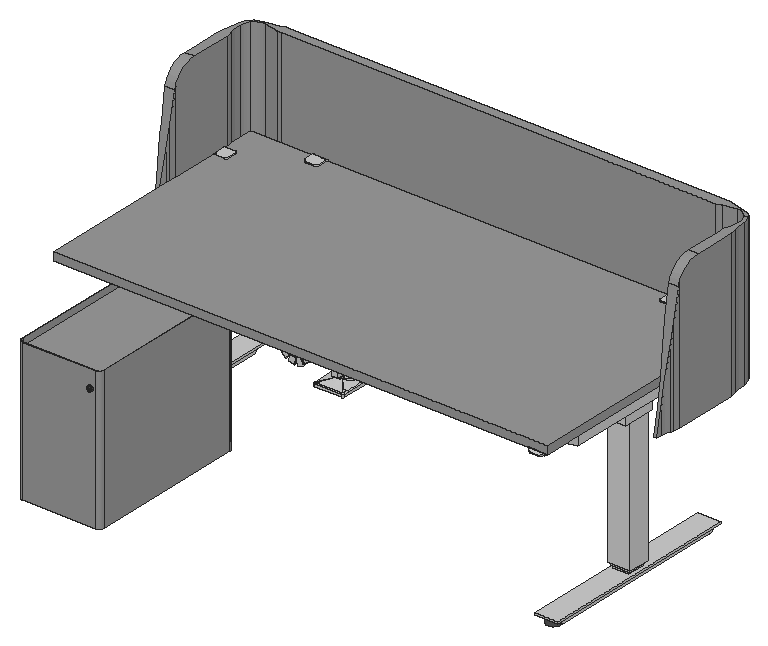
Revit family "Haworth_HiYa_MotorDriven_Rectangle_Desk_EU_PRELIMINARY", category Furniture Systems, Revit 2018 (continued)
Definition of nested family "Haworth_Lyft_CableTray_Horizontal-PART"
  Automatic sketch dimensions
    Extrusion 5 sketch curve to Extrusion 5 sketch curve = 0.0049 cm
    Extrusion 5 sketch curve to plane 8 = 1.0935 cm
    Extrusion 5 sketch curve to Extrusion 5 sketch curve = 0.0776 cm
    plane 14 to Extrusion 5 sketch curve = 1.0152 cm
    Extrusion 5 sketch curve to Extrusion 5 sketch curve = 0.0828 cm
    Extrusion 5 sketch curve to Extrusion 5 sketch curve = 0.0971 cm
    Extrusion 5 sketch curve to plane 8 = 1 cm
    Extrusion 5 sketch curve to Extrusion 5 sketch curve = 0.058 cm
    Extrusion 5 sketch curve to plane 8 = 0.6337 cm
    Extrusion 5 sketch curve to Extrusion 5 sketch curve = 0.1045 cm
    plane 8 to Extrusion 5 sketch curve = 0.0048 cm
    Extrusion 5 sketch curve to Extrusion 5 sketch curve = 0.063 cm
    Extrusion 5 sketch curve to Extrusion 5 sketch curve = 0.0089 cm
    Extrusion 5 sketch curve to Extrusion 5 sketch curve = 0.1268 cm
    Extrusion 5 sketch curve to Extrusion 5 sketch curve = 0.0281 cm
    Extrusion 5 sketch curve to Extrusion 5 sketch curve = 0.0537 cm
    Extrusion 5 sketch curve to Extrusion 5 sketch curve = 0.145 cm
    Extrusion 5 sketch curve to Extrusion 5 sketch curve = 0.0478 cm
    Extrusion 5 sketch curve to plane 14 = 1.1717 cm
    Extrusion 5 sketch curve to Extrusion 5 sketch curve = 0.0991 cm
    Extrusion 5 sketch curve to Extrusion 5 sketch curve = 0.1784 cm
    Extrusion 6 sketch curve to plane 14 = 1.1107 cm
    Extrusion 6 sketch curve to plane 1 "Center (Front/Back)" = 2.8257 cm
    Extrusion 6 sketch curve to plane 14 = 1.228 cm
    Extrusion 6 sketch curve to Extrusion 6 sketch curve = 0.0985 cm
    Extrusion 6 sketch curve to plane 14 = 0.6684 cm
    Extrusion 6 sketch curve to Extrusion 6 sketch curve = 0.161 cm
    Extrusion 6 sketch curve to plane 14 = 1.4441 cm
    Extrusion 6 sketch curve to Extrusion 6 sketch curve = 0.3743 cm
    Extrusion 6 sketch curve to Extrusion 6 sketch curve = 0.2775 cm
    Extrusion 6 sketch curve to plane 14 = 1.017 cm
    Extrusion 6 sketch curve to Extrusion 6 sketch curve = 0.0144 cm
    Extrusion 6 sketch curve to plane 14 = 1.485 cm
    Extrusion 6 sketch curve to Extrusion 6 sketch curve = 0.4673 cm
    Extrusion 6 sketch curve to plane 14 = 0.4656 cm  (x2)
    Extrusion 6 sketch curve to Extrusion 6 sketch curve = 1.3299 cm
    Extrusion 6 sketch curve to plane 14 = 0.5286 cm
    Extrusion 6 sketch curve to Extrusion 6 sketch curve = 0.023 cm
    Extrusion 6 sketch curve to Extrusion 6 sketch curve = 0.0339 cm
    Extrusion 6 sketch curve to plane 8 = 0.6878 cm
    Extrusion 6 sketch curve to Extrusion 6 sketch curve = 0.0335 cm
    Extrusion 6 sketch curve to plane 14 = 0.9853 cm
    Extrusion 6 sketch curve to Extrusion 6 sketch curve = 0.21 cm
    Extrusion 6 sketch curve to plane 14 = 0.4989 cm
    Extrusion 6 sketch curve to Extrusion 6 sketch curve = 0.546 cm
    plane 14 to Extrusion 6 sketch curve = 1.1207 cm
    Extrusion 6 sketch curve to Extrusion 6 sketch curve = 0.7159 cm
    Extrusion 6 sketch curve to Extrusion 6 sketch curve = 0.5459 cm
    Extrusion 6 sketch curve to Extrusion 6 sketch curve = 0.5489 cm
    Extrusion 6 sketch curve to Extrusion 6 sketch curve = 0 cm
    Extrusion 7 sketch curve to plane 14 = 1.1107 cm
    Extrusion 7 sketch curve to plane 1 "Center (Front/Back)" = 2.8257 cm
    Extrusion 7 sketch curve to plane 14 = 1.228 cm
    Extrusion 7 sketch curve to Extrusion 7 sketch curve = 0.0985 cm
    Extrusion 7 sketch curve to plane 14 = 0.6684 cm
    Extrusion 7 sketch curve to Extrusion 7 sketch curve = 0.161 cm
    Extrusion 7 sketch curve to plane 14 = 1.4441 cm
    Extrusion 7 sketch curve to Extrusion 7 sketch curve = 0.3743 cm
    Extrusion 7 sketch curve to Extrusion 7 sketch curve = 0.2775 cm
    Extrusion 7 sketch curve to plane 14 = 1.017 cm
    Extrusion 7 sketch curve to Extrusion 7 sketch curve = 0.0144 cm
    Extrusion 7 sketch curve to plane 14 = 1.485 cm
    Extrusion 7 sketch curve to Extrusion 7 sketch curve = 0.4673 cm
    Extrusion 7 sketch curve to plane 14 = 0.4656 cm  (x2)
    Extrusion 7 sketch curve to Extrusion 7 sketch curve = 1.3299 cm
    Extrusion 7 sketch curve to plane 14 = 0.5286 cm
    Extrusion 7 sketch curve to Extrusion 7 sketch curve = 0.023 cm
    Extrusion 7 sketch curve to Extrusion 7 sketch curve = 0.0339 cm
    Extrusion 7 sketch curve to plane 8 = 0.6878 cm
    Extrusion 7 sketch curve to Extrusion 7 sketch curve = 0.0335 cm
    Extrusion 7 sketch curve to plane 14 = 0.9853 cm
    Extrusion 7 sketch curve to Extrusion 7 sketch curve = 0.21 cm
    Extrusion 7 sketch curve to plane 14 = 0.4989 cm
    Extrusion 7 sketch curve to Extrusion 7 sketch curve = 0.546 cm
    plane 14 to Extrusion 7 sketch curve = 1.1207 cm
    Extrusion 7 sketch curve to Extrusion 7 sketch curve = 0.7159 cm
    Extrusion 7 sketch curve to Extrusion 7 sketch curve = 0.5459 cm
    Extrusion 7 sketch curve to Extrusion 7 sketch curve = 0.5489 cm
    Extrusion 7 sketch curve to Extrusion 7 sketch curve = 0 cm
    Extrusion 8 sketch curve to plane 7 = 0.0246 cm
    plane 7 to Extrusion 8 sketch curve = 0.0232 cm
    plane 7 to Extrusion 8 sketch curve = 1.2061 cm
    plane 14 to Extrusion 8 sketch curve = 0.8274 cm
    Extrusion 8 sketch curve to Extrusion 8 sketch curve = 0.0542 cm
    plane 14 to Extrusion 8 sketch curve = 0.7298 cm
    Extrusion 8 sketch curve to Extrusion 8 sketch curve = 0.1272 cm
    plane 14 to Extrusion 8 sketch curve = 0.5367 cm
    Extrusion 8 sketch curve to Extrusion 8 sketch curve = 0.3424 cm
    plane 14 to Extrusion 8 sketch curve = 0.2748 cm
    Extrusion 8 sketch curve to Extrusion 8 sketch curve = 0.1512 cm
    Extrusion 8 sketch curve to Extrusion 8 sketch curve = 0.5003 cm
    Extrusion 8 sketch curve to Extrusion 8 sketch curve = 0.0071 cm
    plane 14 to Extrusion 8 sketch curve = 0.1226 cm
    Extrusion 8 sketch curve to Extrusion 8 sketch curve = 0.0879 cm
    plane 14 to Extrusion 8 sketch curve = 0.4554 cm
    Extrusion 8 sketch curve to Extrusion 8 sketch curve = 0.0984 cm
    Extrusion 8 sketch curve to Extrusion 8 sketch curve = 0.0659 cm  (x2)
    plane 14 to Extrusion 8 sketch curve = 1.1196 cm
    Extrusion 8 sketch curve to Extrusion 8 sketch curve = 0.1716 cm
    plane 14 to Extrusion 8 sketch curve = 0.3836 cm
    Extrusion 8 sketch curve to Extrusion 8 sketch curve = 0.4837 cm
    Extrusion 8 sketch curve to Extrusion 8 sketch curve = 0.0904 cm
    Extrusion 8 sketch curve to Extrusion 8 sketch curve = 0.0942 cm
    Extrusion 8 sketch curve to Extrusion 8 sketch curve = 0.0293 cm
    Extrusion 8 sketch curve to Extrusion 8 sketch curve = 0.0049 cm
    plane 8 to Extrusion 8 sketch curve = 1.0935 cm
    Extrusion 8 sketch curve to Extrusion 8 sketch curve = 0.0776 cm
    Extrusion 8 sketch curve to plane 14 = 1.0152 cm
    Extrusion 8 sketch curve to Extrusion 8 sketch curve = 0.0828 cm
    Extrusion 8 sketch curve to Extrusion 8 sketch curve = 0.0971 cm
    plane 8 to Extrusion 8 sketch curve = 1 cm
    Extrusion 8 sketch curve to Extrusion 8 sketch curve = 0.058 cm
    plane 8 to Extrusion 8 sketch curve = 0.6337 cm
    Extrusion 8 sketch curve to Extrusion 8 sketch curve = 0.1045 cm
    plane 14 to Extrusion 8 sketch curve = 1.1717 cm
    Extrusion 8 sketch curve to Extrusion 8 sketch curve = 0.0991 cm
    Extrusion 8 sketch curve to Extrusion 8 sketch curve = 0.1784 cm
    Extrusion 8 sketch curve to Extrusion 8 sketch curve = 0.0478 cm
    Extrusion 8 sketch curve to Extrusion 8 sketch curve = 0.0522 cm
    Extrusion 8 sketch curve to Extrusion 8 sketch curve = 0.0537 cm
    Extrusion 8 sketch curve to Extrusion 8 sketch curve = 0.0281 cm
    Extrusion 8 sketch curve to Extrusion 8 sketch curve = 0.1268 cm
    Extrusion 8 sketch curve to Extrusion 8 sketch curve = 0.1676 cm
    Extrusion 8 sketch curve to Extrusion 8 sketch curve = 0.0089 cm
    Extrusion 8 sketch curve to plane 8 = 0.0048 cm
    plane 7 to Extrusion 9 sketch curve = 0.0246 cm
    Extrusion 9 sketch curve to plane 7 = 0.0232 cm
    Extrusion 9 sketch curve to plane 7 = 1.2061 cm
    Extrusion 9 sketch curve to plane 14 = 0.8274 cm
    Extrusion 9 sketch curve to Extrusion 9 sketch curve = 0.0542 cm
    Extrusion 9 sketch curve to plane 14 = 0.7298 cm
    Extrusion 9 sketch curve to Extrusion 9 sketch curve = 0.1272 cm
    Extrusion 9 sketch curve to plane 14 = 0.5367 cm
    Extrusion 9 sketch curve to Extrusion 9 sketch curve = 0.3424 cm
    Extrusion 9 sketch curve to plane 14 = 0.2748 cm
    Extrusion 9 sketch curve to Extrusion 9 sketch curve = 0.1512 cm
    Extrusion 9 sketch curve to Extrusion 9 sketch curve = 0.5003 cm
    Extrusion 9 sketch curve to Extrusion 9 sketch curve = 0.0071 cm
    Extrusion 9 sketch curve to plane 14 = 0.1226 cm
    Extrusion 9 sketch curve to Extrusion 9 sketch curve = 0.0879 cm
    Extrusion 9 sketch curve to plane 14 = 0.4554 cm
    Extrusion 9 sketch curve to Extrusion 9 sketch curve = 0.0984 cm
    Extrusion 9 sketch curve to Extrusion 9 sketch curve = 0.0659 cm  (x2)
    Extrusion 9 sketch curve to plane 14 = 1.1196 cm
    Extrusion 9 sketch curve to Extrusion 9 sketch curve = 0.1716 cm
    Extrusion 9 sketch curve to plane 14 = 0.3836 cm
    Extrusion 9 sketch curve to Extrusion 9 sketch curve = 0.4837 cm
    Extrusion 9 sketch curve to Extrusion 9 sketch curve = 0.0904 cm
    Extrusion 9 sketch curve to Extrusion 9 sketch curve = 0.0942 cm
    Extrusion 9 sketch curve to Extrusion 9 sketch curve = 0.0293 cm
    Extrusion 9 sketch curve to Extrusion 9 sketch curve = 0.0049 cm
    Extrusion 9 sketch curve to plane 8 = 1.0935 cm
    Extrusion 9 sketch curve to Extrusion 9 sketch curve = 0.0776 cm
    plane 14 to Extrusion 9 sketch curve = 1.0152 cm
    Extrusion 9 sketch curve to Extrusion 9 sketch curve = 0.0828 cm
    Extrusion 9 sketch curve to Extrusion 9 sketch curve = 0.0971 cm
    Extrusion 9 sketch curve to plane 8 = 1 cm
    Extrusion 9 sketch curve to Extrusion 9 sketch curve = 0.058 cm
    Extrusion 9 sketch curve to plane 8 = 0.6337 cm
    Extrusion 9 sketch curve to Extrusion 9 sketch curve = 0.1045 cm
    Extrusion 9 sketch curve to plane 14 = 1.1717 cm
    Extrusion 9 sketch curve to Extrusion 9 sketch curve = 0.0991 cm
    Extrusion 9 sketch curve to Extrusion 9 sketch curve = 0.1784 cm
    Extrusion 9 sketch curve to Extrusion 9 sketch curve = 0.0478 cm
    Extrusion 9 sketch curve to Extrusion 9 sketch curve = 0.0522 cm
    Extrusion 9 sketch curve to Extrusion 9 sketch curve = 0.0537 cm
    Extrusion 9 sketch curve to Extrusion 9 sketch curve = 0.0281 cm
    Extrusion 9 sketch curve to Extrusion 9 sketch curve = 0.1268 cm
    Extrusion 9 sketch curve to Extrusion 9 sketch curve = 0.1676 cm
    Extrusion 9 sketch curve to Extrusion 9 sketch curve = 0.0089 cm
    plane 8 to Extrusion 9 sketch curve = 0.0048 cm
    plane 14 to Extrusion 10 sketch curve = 1.1107 cm
    plane 7 to Extrusion 10 sketch curve = 2.8569 cm
    plane 14 to Extrusion 10 sketch curve = 1.228 cm
    Extrusion 10 sketch curve to Extrusion 10 sketch curve = 0.0985 cm
    plane 14 to Extrusion 10 sketch curve = 0.6684 cm
    Extrusion 10 sketch curve to Extrusion 10 sketch curve = 0.161 cm
    plane 14 to Extrusion 10 sketch curve = 1.4441 cm
    Extrusion 10 sketch curve to Extrusion 10 sketch curve = 0.3743 cm
    Extrusion 10 sketch curve to Extrusion 10 sketch curve = 0.2775 cm
    plane 14 to Extrusion 10 sketch curve = 1.017 cm
    Extrusion 10 sketch curve to Extrusion 10 sketch curve = 0.0144 cm
    plane 14 to Extrusion 10 sketch curve = 1.485 cm
    Extrusion 10 sketch curve to Extrusion 10 sketch curve = 0.4673 cm
    plane 14 to Extrusion 10 sketch curve = 0.4656 cm  (x2)
    Extrusion 10 sketch curve to Extrusion 10 sketch curve = 1.3299 cm
    plane 14 to Extrusion 10 sketch curve = 0.5286 cm
    Extrusion 10 sketch curve to Extrusion 10 sketch curve = 0.023 cm
    Extrusion 10 sketch curve to Extrusion 10 sketch curve = 0.0339 cm
    plane 8 to Extrusion 10 sketch curve = 0.6878 cm
    Extrusion 10 sketch curve to Extrusion 10 sketch curve = 0.0335 cm
    plane 14 to Extrusion 10 sketch curve = 0.9853 cm
    Extrusion 10 sketch curve to Extrusion 10 sketch curve = 0.21 cm
    plane 14 to Extrusion 10 sketch curve = 0.4989 cm
    Extrusion 10 sketch curve to Extrusion 10 sketch curve = 0.546 cm
    Extrusion 10 sketch curve to plane 14 = 1.1207 cm
    Extrusion 10 sketch curve to Extrusion 10 sketch curve = 0.7159 cm
    Extrusion 10 sketch curve to Extrusion 10 sketch curve = 0.5459 cm
    Extrusion 10 sketch curve to Extrusion 10 sketch curve = 0.5489 cm
    Extrusion 10 sketch curve to Extrusion 10 sketch curve = 0 cm
    Extrusion 11 sketch curve to plane 14 = 1.1107 cm
    Extrusion 11 sketch curve to plane 7 = 2.8569 cm
    Extrusion 11 sketch curve to plane 14 = 1.228 cm
    Extrusion 11 sketch curve to Extrusion 11 sketch curve = 0.0985 cm
    Extrusion 11 sketch curve to plane 14 = 0.6684 cm
    Extrusion 11 sketch curve to Extrusion 11 sketch curve = 0.161 cm
    Extrusion 11 sketch curve to plane 14 = 1.4441 cm
    Extrusion 11 sketch curve to Extrusion 11 sketch curve = 0.3743 cm
    Extrusion 11 sketch curve to Extrusion 11 sketch curve = 0.2775 cm
    Extrusion 11 sketch curve to plane 14 = 1.017 cm
    Extrusion 11 sketch curve to Extrusion 11 sketch curve = 0.0144 cm
    Extrusion 11 sketch curve to plane 14 = 1.485 cm
    Extrusion 11 sketch curve to Extrusion 11 sketch curve = 0.4673 cm
    Extrusion 11 sketch curve to plane 14 = 0.4656 cm  (x2)
    Extrusion 11 sketch curve to Extrusion 11 sketch curve = 1.3299 cm
    Extrusion 11 sketch curve to plane 14 = 0.5286 cm
    Extrusion 11 sketch curve to Extrusion 11 sketch curve = 0.023 cm
    Extrusion 11 sketch curve to Extrusion 11 sketch curve = 0.0339 cm
    Extrusion 11 sketch curve to plane 8 = 0.6878 cm
    Extrusion 11 sketch curve to Extrusion 11 sketch curve = 0.0335 cm
    Extrusion 11 sketch curve to plane 14 = 0.9853 cm
    Extrusion 11 sketch curve to Extrusion 11 sketch curve = 0.21 cm
    Extrusion 11 sketch curve to plane 14 = 0.4989 cm
    Extrusion 11 sketch curve to Extrusion 11 sketch curve = 0.546 cm
    plane 14 to Extrusion 11 sketch curve = 1.1207 cm
    Extrusion 11 sketch curve to Extrusion 11 sketch curve = 0.7159 cm
    Extrusion 11 sketch curve to Extrusion 11 sketch curve = 0.5459 cm
    Extrusion 11 sketch curve to Extrusion 11 sketch curve = 0.5489 cm
    Extrusion 11 sketch curve to Extrusion 11 sketch curve = 0 cm
    plane 6 to Extrusion 12 sketch curve = 0.199 cm
    plane 8 to Extrusion 12 sketch curve = 0.6878 cm
    plane 14 to Extrusion 12 sketch curve = 1 cm
    Extrusion 13 sketch curve to plane 5 = 0 cm
    plane 5 to Extrusion 13 sketch curve = 0.7 cm  (x2)
    Extrusion 13 sketch curve to plane 1 "Center (Front/Back)" = 3.5326 cm
    Extrusion 13 sketch curve to Extrusion 13 sketch curve = 0.2002 cm  (x2)
    Extrusion 13 sketch curve to Extrusion 13 sketch curve = 0.5 cm
    Extrusion 13 sketch curve to plane 7 = 4.2672 cm
    Extrusion 13 sketch curve to Extrusion 13 sketch curve = 0.4998 cm
    plane 5 to Extrusion 13 sketch curve = 0.2 cm
    Extrusion 13 sketch curve to plane 14 = 1.1 cm  (x2)
    Extrusion 14 sketch curve to plane 5 = 0 cm
    plane 5 to Extrusion 14 sketch curve = 0.7 cm  (x2)
    Extrusion 14 sketch curve to plane 1 "Center (Front/Back)" = 3.5326 cm
    Extrusion 14 sketch curve to Extrusion 14 sketch curve = 0.2002 cm  (x2)
    Extrusion 14 sketch curve to Extrusion 14 sketch curve = 0.5 cm
    Extrusion 14 sketch curve to plane 7 = 4.2672 cm
    Extrusion 14 sketch curve to Extrusion 14 sketch curve = 0.4998 cm
    Extrusion 14 sketch curve to plane 14 = 1.1 cm  (x2)
    plane 5 to Extrusion 14 sketch curve = 0.2 cm
    Extrusion 15 sketch curve to plane 9 = 1.5172 cm
    Extrusion 15 sketch curve to Extrusion 15 sketch curve = 0.1954 cm
    Extrusion 15 sketch curve to plane 9 = 0.2672 cm
    Extrusion 15 sketch curve to plane 9 = 0.126 cm
    plane 9 to Extrusion 15 sketch curve = 0.0328 cm  (x2)
    Extrusion 15 sketch curve to Extrusion 15 sketch curve = 0.1412 cm
    Extrusion 15 sketch curve to Extrusion 15 sketch curve = 0.6534 cm
    Extrusion 15 sketch curve to Extrusion 15 sketch curve = 0.9441 cm
    plane 5 to Extrusion 15 sketch curve = 0.5974 cm
    Extrusion 15 sketch curve to Extrusion 15 sketch curve = 0.5526 cm
    plane 5 to Extrusion 15 sketch curve = 0.95 cm
    Extrusion 15 sketch curve to Extrusion 15 sketch curve = 0 cm  (x5)
    Extrusion 15 sketch curve to Extrusion 15 sketch curve = 0.2 cm  (x4)
    plane 5 to Extrusion 15 sketch curve = 0.955 cm
    Extrusion 15 sketch curve to Extrusion 15 sketch curve = 0.0047 cm
    Extrusion 15 sketch curve to Extrusion 15 sketch curve = 0.1821 cm
    Extrusion 15 sketch curve to Extrusion 15 sketch curve = 0.013 cm
    plane 5 to Extrusion 15 sketch curve = 1.055 cm
    plane 5 to Extrusion 15 sketch curve = 0.295 cm
    Extrusion 15 sketch curve to Extrusion 15 sketch curve = 0.4 cm
    Extrusion 15 sketch curve to Extrusion 15 sketch curve = 0.7527 cm
    Extrusion 15 sketch curve to Extrusion 15 sketch curve = 0.0014 cm
    Extrusion 15 sketch curve to Extrusion 15 sketch curve = 0.07 cm
    plane 5 to Extrusion 15 sketch curve = 0.1 cm
    plane 5 to Extrusion 15 sketch curve = 0.6955 cm
    Extrusion 15 sketch curve to Extrusion 15 sketch curve = 0.1508 cm
    Extrusion 15 sketch curve to Extrusion 15 sketch curve = 0.0535 cm
    Extrusion 15 sketch curve to Extrusion 15 sketch curve = 0.5075 cm
    Extrusion 15 sketch curve to Extrusion 15 sketch curve = 0.1075 cm
    Extrusion 15 sketch curve to Extrusion 15 sketch curve = 0.205 cm
    Extrusion 15 sketch curve to Extrusion 15 sketch curve = 0.2011 cm
    Extrusion 15 sketch curve to Extrusion 15 sketch curve = 0.855 cm
    Extrusion 15 sketch curve to Extrusion 15 sketch curve = 0.3546 cm
    Extrusion 15 sketch curve to Extrusion 15 sketch curve = 0.0046 cm
    Masking region 1 sketch curve to plane 17 = 0 cm
    Masking region 1 sketch curve to plane 1 "Center (Front/Back)" = 2.5813 cm  (x2)
    Masking region 1 sketch curve to Masking region 1 sketch curve = 0.9515 cm
    Masking region 1 sketch curve to plane 7 = 3.5672 cm
    Masking region 1 sketch curve to Masking region 1 sketch curve = 0.95 cm  (x2)
    radius of Extrusion 15 sketch curve = 0.4 cm
    radius of Extrusion 15 sketch curve = 0.35 cm
Definition of nested family "Haworth_ActiveComponents_SecurityDrawer"
  Parameters (values of type "Security Drawer")
    Warranty = "http://www.haworth.com/resources/product-info/warranties"
    URL - Product = "http://www.haworth.com/products/workspaces/accessories/active-components"
    URL = "http://www.haworth.com/"
    Type Comments = ""
    Top Height = 5.08 cm  # constant formula
    Sustainability Info = "http://www.haworth.com/company-info/sustainablility"
    Size = "Verify Final Dim. w/ Haworth"  # constant formula
    Shelf Height = 1.27 cm  # constant formula
    Revision Number = "1"  # constant formula
    Panel Thickness = 0.1588 cm  # constant formula
    Mounted Height = 70.485 cm  # constant formula
    Model = "AHDD-0312-S"
    Manufacturer = "Haworth"  # constant formula
    Drawer Height = 7.62 cm  # constant formula
    Drawer Finish [instance] = none
    Description = "Haworth Active Components Security Drawer"
    Case Finish [instance] = none
    Author = "Haworth (Hampton)"  # constant formula
    Assembly Code = "E2020200"
    Actual Width = 31.2738 cm  # constant formula
    Actual Height = 12.7 cm  # constant formula
    Actual Depth = 43.18 cm  # constant formula
  Reference planes (cm)
    plane 1 "Back": y = -4.445
    plane 2: z = 0
    plane 3 "Center L/R": x = 0
    plane 4 "Left": x = -19.4469
    plane 5 "Right": x = 11.8269
    plane 6 "Back of Drawer": y = -45.72
    plane 7 "Front": y = -47.625
    plane 8 "Top": z = 70.485
    plane 9 "Bottom of Cabinet": z = 0
    plane 10 "Left Inside": x = -19.2881
    plane 11 "Right Inside": x = 11.6681
    plane 12: z = 57.785
    plane 13 "Back Inside": y = -4.6038
    plane 14: z = 65.405
    plane 15: z = 20.955
    plane 16: z = 57.785
    plane 17: y = -46.0375
    plane 18: y = -47.4663
    plane 19: y = -47.3075
    plane 20: y = -27.7317
    plane 21: y = -27.573
    plane 22: y = -6.3005
    plane 23: y = -6.1417
    plane 24: z = 70.3263
    plane 25: y = -24.7155
    plane 26: y = -9.158
    plane 27: z = 63.5
    plane 28: z = 63.3412
    plane 29: z = 57.9438
  Forms (cm)
    Extrusion 1, solid, material <- "Case Finish"
      sketch origin (0, 0, 0) x (1, 0, 0) y (0, 1, 0)
        loop
          line (-19.4469, -45.72) -> (-19.2881, -45.72) -> (-19.2881, -5.715)
          arc (-19.2881, -5.715) -> (-18.9626, -4.9292) -> (-18.1769, -4.6037) r 1.1113
          line (-18.1769, -4.6037) -> (10.5569, -4.6038)
          arc (10.5569, -4.6038) -> (11.3426, -4.9292) -> (11.6681, -5.715) r 1.1113
          line (11.6681, -5.715) -> (11.6681, -45.72) -> (11.8269, -45.72) -> (11.8269, -5.715)
          arc (11.8269, -5.715) -> (11.4549, -4.817) -> (10.5569, -4.445) r 1.27
          line (10.5569, -4.445) -> (-18.1769, -4.445)
          arc (-18.1769, -4.445) -> (-19.0749, -4.817) -> (-19.4469, -5.715) r 1.27
          line (-19.4469, -5.715) -> (-19.4469, -45.72)
      from 57.785 to 65.405
    Extrusion 2, solid, material <- "Drawer Finish"
      sketch origin (0, 0, 0) x (1, 0, 0) y (0, 1, 0)
        loop
          line (-19.4469, -46.0375) -> (-19.4469, -46.355)
          arc (-19.4469, -46.355) -> (-19.0749, -47.253) -> (-18.1769, -47.625) r 1.27
          line (-18.1769, -47.625) -> (10.5569, -47.625)
          arc (10.5569, -47.625) -> (11.4549, -47.253) -> (11.8269, -46.355) r 1.27
          line (11.8269, -46.355) -> (11.8269, -46.0375) -> (11.6681, -46.0375) -> (11.6681, -46.355)
          arc (11.6681, -46.355) -> (11.3426, -47.1408) -> (10.5569, -47.4663) r 1.1113
          line (10.5569, -47.4663) -> (-18.1769, -47.4663)
          arc (-18.1769, -47.4663) -> (-18.9626, -47.1408) -> (-19.2881, -46.355) r 1.1113
          line (-19.2881, -46.355) -> (-19.2881, -46.0375) -> (-19.4469, -46.0375)
      from 57.785 to 65.405
    Extrusion 3, solid, material <- "Case Finish"
      sketch origin (0, 0, 0) x (0, 1, 0) y (0, 0, 1)
        loop
          line (-27.573, 63.5) -> (-27.573, 70.3263) -> (-24.7155, 70.3263) -> (-24.7155, 70.485) -> (-27.7317, 70.485) -> (-27.7317, 63.5) -> (-27.573, 63.5)
        loop
          line (-6.3005, 63.5) -> (-6.1417, 63.5) -> (-6.1417, 70.485) -> (-9.158, 70.485) -> (-9.158, 70.3263) -> (-6.3005, 70.3263) -> (-6.3005, 63.5)
      from -19.2881 to 11.6681
    Extrusion 4, solid, material <- "Case Finish"
      sketch origin (0, 0, 0) x (1, 0, 0) y (0, 1, 0)
        loop
          arc (-18.1769, -4.6038) -> (-18.9626, -4.9292) -> (-19.2881, -5.715) r 1.1113
          line (-19.2881, -5.715) -> (-19.2881, -46.1963)
          arc (-19.2881, -46.1963) -> (-18.9626, -46.982) -> (-18.1769, -47.3075) r 1.1113
          line (-18.1769, -47.3075) -> (10.5569, -47.3075)
          arc (10.5569, -47.3075) -> (11.3426, -46.982) -> (11.6681, -46.1963) r 1.1113
          line (11.6681, -46.1963) -> (11.6681, -5.715)
          arc (11.6681, -5.715) -> (11.3426, -4.9292) -> (10.5569, -4.6038) r 1.1113
          line (10.5569, -4.6038) -> (-18.1769, -4.6038)
      from 57.785 to 57.9438
    Extrusion 5, solid, material <- "Case Finish"
      sketch origin (0, 0, 0) x (1, 0, 0) y (0, 1, 0)
        loop
          arc (-18.1769, -4.6038) -> (-18.9626, -4.9292) -> (-19.2881, -5.715) r 1.1113
          line (-19.2881, -5.715) -> (-19.2881, -46.1963)
          arc (-19.2881, -46.1963) -> (-18.9626, -46.982) -> (-18.1769, -47.3075) r 1.1113
          line (-18.1769, -47.3075) -> (10.5569, -47.3075)
          arc (10.5569, -47.3075) -> (11.3426, -46.982) -> (11.6681, -46.1963) r 1.1113
          line (11.6681, -46.1963) -> (11.6681, -5.715)
          arc (11.6681, -5.715) -> (11.3426, -4.9292) -> (10.5569, -4.6038) r 1.1113
          line (10.5569, -4.6038) -> (-18.1769, -4.6038)
      from 63.3412 to 63.5
  Lines and regions (cm)
    Masking region 1
      outline origin (0, 0, 0) x (1, 0, 0) y (0, 1, 0)
        loop
          arc (-18.1769, -4.445) -> (-19.0749, -4.817) -> (-19.4469, -5.715) r 1.27
          line (-19.4469, -5.715) -> (-19.4469, -46.355)
          arc (-19.4469, -46.355) -> (-19.0749, -47.253) -> (-18.1769, -47.625) r 1.27
          line (-18.1769, -47.625) -> (10.5569, -47.625)
          arc (10.5569, -47.625) -> (11.4549, -47.253) -> (11.8269, -46.355) r 1.27
          line (11.8269, -46.355) -> (11.8269, -5.715)
          arc (11.8269, -5.715) -> (11.4549, -4.817) -> (10.5569, -4.445) r 1.27
          line (10.5569, -4.445) -> (-18.1769, -4.445)
    symbolic lines, detail levels fine
      curve 1: line (-18.1769, -50.165, 0) -> (10.3981, -50.165, 0)
      curve 2: line (-19.4469, -46.0375, 0) -> (11.8269, -46.0375, 0)
  Dimensions and locks (cm)
    "Actual Width": plane 4 "Left" to plane 5 "Right"
    plane 4 "Left" to plane 3 "Center L/R" to plane 5 "Right" = 19.4469 cm, 11.8269 cm
    "Mounted Height": plane 8 "Top" to level
    "Panel Thickness": plane 10 "Left Inside" to plane 4 "Left"
    "Panel Thickness": plane 5 "Right" to plane 11 "Right Inside"
    "Actual Depth": plane 1 "Back" to plane 7 "Front"
    "Actual Height": plane 8 "Top" to plane 12
    "Panel Thickness": plane 13 "Back Inside" to plane 1 "Back"
    "Top Height": plane 8 "Top" to plane 14
    "Drawer Height": plane 14 to plane 16
    "Panel Thickness": plane 18 to plane 7 "Front"
    "Panel Thickness": plane 19 to plane 18
    aligned and locked: level to plane 2
    aligned and locked: plane 9 "Bottom of Cabinet" to level
    aligned and locked: plane 14 to Extrusion 1
    aligned and locked: plane 14 to Extrusion 2
    aligned and locked: Extrusion 2 to plane 16
    aligned and locked: Extrusion 3 to plane 10 "Left Inside"
    aligned and locked: Extrusion 5 to plane 27
    aligned and locked: plane 28 to Extrusion 5
    aligned and locked: plane 29 to Extrusion 4
    aligned and locked: Extrusion 4 to plane 16
    aligned and locked: Extrusion 1 to plane 12
  Automatic sketch dimensions
    Extrusion 1 sketch curve to Extrusion 1 sketch curve = 0 cm  (x4)
    Extrusion 1 sketch curve to plane 4 "Left" = 0 cm
    Extrusion 1 sketch curve to plane 6 "Back of Drawer" = 0 cm  (x2)
    Extrusion 1 sketch curve to plane 10 "Left Inside" = 0 cm
    plane 1 "Back" to Extrusion 1 sketch curve = 0 cm
    Extrusion 1 sketch curve to plane 11 "Right Inside" = 0 cm
    plane 10 "Left Inside" to Extrusion 1 sketch curve = 1.1112 cm
    Extrusion 1 sketch curve to plane 23 = 0.4267 cm
    Extrusion 2 sketch curve to Extrusion 2 sketch curve = 0 cm  (x4)
    Extrusion 2 sketch curve to plane 4 "Left" = 0 cm
    Extrusion 2 sketch curve to plane 10 "Left Inside" = 0 cm
    Extrusion 2 sketch curve to plane 7 "Front" = 0 cm
    Extrusion 2 sketch curve to plane 11 "Right Inside" = 0 cm
    Extrusion 2 sketch curve to plane 17 = 0 cm  (x2)
    Extrusion 2 sketch curve to plane 17 = 0.3175 cm
    Extrusion 2 sketch curve to plane 11 "Right Inside" = 1.1112 cm
    Extrusion 3 sketch curve to plane 20 = 0 cm
    Extrusion 3 sketch curve to plane 21 = 0 cm
    Extrusion 3 sketch curve to plane 24 = 0 cm  (x2)
    Extrusion 3 sketch curve to plane 25 = 0 cm
    Extrusion 3 sketch curve to plane 8 "Top" = 0 cm  (x2)
    Extrusion 3 sketch curve to plane 26 = 0 cm
    Extrusion 3 sketch curve to plane 22 = 0 cm
    Extrusion 3 sketch curve to plane 23 = 0 cm
    plane 27 to Extrusion 3 sketch curve = 0 cm  (x2)
    Extrusion 4 sketch curve to plane 19 = 0 cm
    Extrusion 4 sketch curve to plane 13 "Back Inside" = 0 cm
    Extrusion 4 sketch curve to plane 17 = 0.1588 cm
    Extrusion 4 sketch curve to plane 3 "Center L/R" = 19.2881 cm
    Extrusion 4 sketch curve to plane 23 = 0.4267 cm
    plane 5 "Right" to Extrusion 4 sketch curve = 1.27 cm  (x2)
    Extrusion 4 sketch curve to plane 17 = 0.1587 cm
    Extrusion 5 sketch curve to plane 19 = 0 cm
    Extrusion 5 sketch curve to plane 13 "Back Inside" = 0 cm
    Extrusion 5 sketch curve to plane 17 = 0.1588 cm
    plane 5 "Right" to Extrusion 5 sketch curve = 31.115 cm
    Extrusion 5 sketch curve to plane 23 = 0.4267 cm
    Extrusion 5 sketch curve to Extrusion 5 sketch curve = 28.7337 cm  (x2)
    Extrusion 5 sketch curve to plane 17 = 0.1587 cm
    Masking region 1 sketch curve to plane 4 "Left" = 0 cm
    plane 1 "Back" to Masking region 1 sketch curve = 0 cm
    Masking region 1 sketch curve to plane 7 "Front" = 0 cm
    Masking region 1 sketch curve to plane 5 "Right" = 0 cm
    plane 10 "Left Inside" to Masking region 1 sketch curve = 1.1112 cm
    Masking region 1 sketch curve to plane 23 = 0.4267 cm  (x2)
    Masking region 1 sketch curve to plane 11 "Right Inside" = 1.1112 cm
    curve 2 to plane 4 "Left" = 0 cm
    curve 2 to plane 5 "Right" = 0 cm
    curve 2 to plane 17 = 0 cm
    plane 10 "Left Inside" to curve 1 = 1.1112 cm
    curve 1 to plane 11 "Right Inside" = 1.27 cm
    curve 1 to plane 7 "Front" = 2.54 cm
Definition of nested family "Haworth_MobilePedestal_EU_PRELIMINARY"
  Parameters (values of type "Mobile pedestal")
    Warranty = "http://www.haworth.com/resources/product-info/warranties"
    URL = "https://www.haworth.com/eu/en.html"
    Sliding Door = yes
    Size = "Verify Final Dim. w/ Haworth"  # constant formula
    Revision Number = "1"  # constant formula
    Pedestal Finish [instance] = none
    Model = "Mobile Pedestal"  # constant formula
    Manufacturer = "Haworth"  # constant formula
    Lock Finish = none
    Hinged Doors = yes
    Glide Finish = none
    Front Finish [instance] = none
    Description = "Haworth - Mobile Pedestal"  # constant formula
    Author = "Haworth (Abd Rahman)"  # constant formula
    Assembly Code = "E2020200"
    Actual Width = 30 cm  # constant formula
    Actual Height = 53 cm  # constant formula
    Actual Depth = 60 cm  # constant formula
  Reference planes (cm)
    plane 1: z = 0
    plane 2 "Center L/R": x = -15.6859
    plane 3 "Center F/B": y = -29.21
    plane 4 "Top": z = 53
    plane 5 "Back": y = 0.79
    plane 6 "Front": y = -59.21
    plane 7 "Right": x = -0.6859
    plane 8 "Left": x = -30.6859
    plane 9: x = -2.5909
    plane 10: x = -28.7809
    plane 11: z = 3
    plane 12: y = -55.705
    plane 13: y = -0.21
  Forms (cm)
    Revolve 1, solid, material <- "Lock Finish"
      sketch origin (32.7292, 0, 46.8195) x (1, 0, 0) y (0, 1, 0)
        loop
          line (-37.0074, -59.21) -> (-37.0074, -59.6076) -> (-36.077, -59.6076) -> (-36.077, -59.21) -> (-37.0074, -59.21)
        axis (-37.0074, -59.21) -> (-37.0074, -59.6076)
      angle from 0 to 360
    Extrusion 2, void
      sketch origin (7.0118, -59.21, -2.5029) x (-1, 0, 0) y (0, 0, 1)
        loop
          circle (11.2804, 49.3224) r 0.7
        loop
          circle (11.2846, 49.3139) r 0.6
      from -1.9234 to 0
    Extrusion 3, solid, material <- "Pedestal Finish"
      sketch origin (0, 0, 0) x (1, 0, 0) y (0, 1, 0)
        loop
          arc (-30.3765, -57.6193) -> (-29.9495, -58.5159) -> (-29.0256, -58.88) r 1.3542
          line (-29.0256, -58.88) -> (-2.2453, -58.88)
          arc (-2.2453, -58.88) -> (-1.3315, -58.5252) -> (-0.8965, -57.6468) r 1.3542
          line (-0.8965, -57.6468) -> (-0.8965, -0.08)
          arc (-0.8965, -0.08) -> (-1.1016, 0.415) -> (-1.5965, 0.62) r 0.7
          line (-1.5965, 0.62) -> (-29.6765, 0.62)
          arc (-29.6765, 0.62) -> (-30.1715, 0.415) -> (-30.3765, -0.08) r 0.7
          line (-30.3765, -0.08) -> (-30.3765, -57.6193)
      from 4.3729 to 50.8536
    Extrusion 4, solid, material <- "Glide Finish"
      sketch origin (-56.3667, 70.6084, 0) x (0, 1, 0) y (0, 0, 1)
        loop
          circle (-120.8321, 1.5929) r 1.5
      from 47.407 to 48.657
    Extrusion 5, solid, material <- "Glide Finish"
      sketch origin (-53.5667, 70.6084, 0) x (0, 1, 0) y (0, 0, 1)
        loop
          circle (-120.8321, 1.5929) r 1.5
      from 47.407 to 48.657
    Extrusion 6, solid, material <- "Glide Finish"
      sketch origin (-56.3667, 70.6084, 0) x (0, 1, 0) y (0, 0, 1)
        loop
          arc (-119.3361, 1.6019) -> (-121.1474, 3.0697) -> (-122.2068, 0.9929) r 1.5
          line (-122.2068, 0.9929) -> (-122.0764, 0.9929)
          arc (-122.0764, 0.9929) -> (-121.3861, 2.856) -> (-119.5563, 2.0817) r 1.374
          arc (-119.5563, 2.0817) -> (-120.3601, 1.7469) -> (-119.5046, 1.5844) r 0.4545
          line (-119.5046, 1.5844) -> (-119.3361, 1.6019)
      from 48.707 to 50.1705
    Extrusion 7, solid, material <- "Pedestal Finish"
      sketch origin (-55.6808, 12.8984, 0) x (-1, 0, 0) y (0, 0, 1)
        loop
          line (-52.0161, 4.3729) -> (-52.0161, 4.273) -> (-52.5161, 4.273)
          arc (-52.5161, 4.273) -> (-52.8697, 4.4194) -> (-53.0161, 4.773) r 0.5
          line (-53.0161, 4.773) -> (-53.0161, 5.5229) -> (-54.2842, 5.5229)
          arc (-54.2842, 5.5229) -> (-54.6378, 5.3764) -> (-54.7842, 5.0229) r 0.5
          line (-54.7842, 5.0229) -> (-54.7842, 3.4729)
          arc (-54.7842, 3.4729) -> (-54.6378, 3.1194) -> (-54.2842, 2.9729) r 0.5
          line (-54.2842, 2.9729) -> (-25.8042, 2.9729)
          arc (-25.8042, 2.9729) -> (-25.4507, 3.1194) -> (-25.3042, 3.4729) r 0.5
          line (-25.3042, 3.4729) -> (-25.3042, 5.0229)
          arc (-25.3042, 5.0229) -> (-25.4507, 5.3764) -> (-25.8042, 5.5229) r 0.5
          line (-25.8042, 5.5229) -> (-26.5261, 5.5229) -> (-26.5261, 4.773)
          arc (-26.5261, 4.773) -> (-26.6726, 4.4194) -> (-27.0261, 4.273) r 0.5
          line (-27.0261, 4.273) -> (-27.5261, 4.273) -> (-27.5261, 4.3729) -> (-52.0161, 4.3729)
      from -67.8221 to -67.6471
    Extrusion 8, solid, material <- "Pedestal Finish"
      sketch origin (-50.3667, 70.6084, 0) x (0, 1, 0) y (0, 0, 1)
        loop
          line (-125.3571, 4.3729) -> (-125.3571, 4.1192) -> (-119.2821, 4.1192) -> (-119.2821, 4.3729) -> (-125.3571, 4.3729)
      from 20.257 to 49.202
    Extrusion 9, solid, material <- "Pedestal Finish"
      sketch origin (-55.6808, 19.1484, 0) x (-1, 0, 0) y (0, 0, 1)
        loop
          line (-52.0161, 4.3729) -> (-52.0161, 4.273) -> (-52.5161, 4.273)
          arc (-52.5161, 4.273) -> (-52.8697, 4.4194) -> (-53.0161, 4.773) r 0.5
          line (-53.0161, 4.773) -> (-53.0161, 5.5229) -> (-54.2842, 5.5229)
          arc (-54.2842, 5.5229) -> (-54.6378, 5.3764) -> (-54.7842, 5.0229) r 0.5
          line (-54.7842, 5.0229) -> (-54.7842, 3.4729)
          arc (-54.7842, 3.4729) -> (-54.6378, 3.1194) -> (-54.2842, 2.9729) r 0.5
          line (-54.2842, 2.9729) -> (-25.8042, 2.9729)
          arc (-25.8042, 2.9729) -> (-25.4507, 3.1194) -> (-25.3042, 3.4729) r 0.5
          line (-25.3042, 3.4729) -> (-25.3042, 5.0229)
          arc (-25.3042, 5.0229) -> (-25.4507, 5.3764) -> (-25.8042, 5.5229) r 0.5
          line (-25.8042, 5.5229) -> (-26.5261, 5.5229) -> (-26.5261, 4.773)
          arc (-26.5261, 4.773) -> (-26.6726, 4.4194) -> (-27.0261, 4.273) r 0.5
          line (-27.0261, 4.273) -> (-27.5261, 4.273) -> (-27.5261, 4.3729) -> (-52.0161, 4.3729)
      from -67.8221 to -67.6471
    Extrusion 10, void
      sketch origin (-55.6808, 70.6084, 0) x (1, 0, 0) y (0, 1, 0)
        loop
          circle (45.1191, -122.3361) r 0.8
        loop
          circle (34.4231, -122.3361) r 0.8
      from 0 to 12.344
    Extrusion 11, solid, material <- "Pedestal Finish"
      sketch origin (-55.6808, 53.5765, 0) x (-1, 0, 0) y (0, 0, 1)
        loop
          line (-52.0161, 4.3729) -> (-52.0161, 4.273) -> (-52.5161, 4.273)
          arc (-52.5161, 4.273) -> (-52.8697, 4.4194) -> (-53.0161, 4.773) r 0.5
          line (-53.0161, 4.773) -> (-53.0161, 5.5229) -> (-54.2956, 5.5229)
          arc (-54.2956, 5.5229) -> (-54.6492, 5.3764) -> (-54.7956, 5.0229) r 0.5
          line (-54.7956, 5.0229) -> (-54.7956, 3.4729)
          arc (-54.7956, 3.4729) -> (-54.6492, 3.1194) -> (-54.2956, 2.9729) r 0.5
          line (-54.2956, 2.9729) -> (-25.8042, 2.9729)
          arc (-25.8042, 2.9729) -> (-25.4507, 3.1194) -> (-25.3042, 3.4729) r 0.5
          line (-25.3042, 3.4729) -> (-25.3042, 5.0229)
          arc (-25.3042, 5.0229) -> (-25.4507, 5.3764) -> (-25.8042, 5.5229) r 0.5
          line (-25.8042, 5.5229) -> (-26.5261, 5.5229) -> (-26.5261, 4.773)
          arc (-26.5261, 4.773) -> (-26.6726, 4.4194) -> (-27.0261, 4.273) r 0.5
          line (-27.0261, 4.273) -> (-27.5261, 4.273) -> (-27.5261, 4.3729) -> (-52.0161, 4.3729)
      from -67.8221 to -67.6471
    Extrusion 12, solid, material <- "Pedestal Finish"
      sketch origin (-50.3667, 111.2865, 0) x (0, 1, 0) y (0, 0, 1)
        loop
          line (-123.8571, 4.3729) -> (-123.8571, 4.1192) -> (-117.7821, 4.1192) -> (-117.7821, 4.3729) -> (-123.8571, 4.3729)
      from 21.212 to 47.407
    Extrusion 13, solid, material <- "Pedestal Finish"
      sketch origin (-55.6808, 59.8265, 0) x (-1, 0, 0) y (0, 0, 1)
        loop
          line (-52.0161, 4.3729) -> (-52.0161, 4.273) -> (-52.5161, 4.273)
          arc (-52.5161, 4.273) -> (-52.8697, 4.4194) -> (-53.0161, 4.773) r 0.5
          line (-53.0161, 4.773) -> (-53.0161, 5.5229) -> (-54.2842, 5.5229)
          arc (-54.2842, 5.5229) -> (-54.6378, 5.3764) -> (-54.7842, 5.0229) r 0.5
          line (-54.7842, 5.0229) -> (-54.7842, 3.4729)
          arc (-54.7842, 3.4729) -> (-54.6378, 3.1194) -> (-54.2842, 2.9729) r 0.5
          line (-54.2842, 2.9729) -> (-25.8042, 2.9729)
          arc (-25.8042, 2.9729) -> (-25.4507, 3.1194) -> (-25.3042, 3.4729) r 0.5
          line (-25.3042, 3.4729) -> (-25.3042, 5.0229)
          arc (-25.3042, 5.0229) -> (-25.4507, 5.3764) -> (-25.8042, 5.5229) r 0.5
          line (-25.8042, 5.5229) -> (-26.5261, 5.5229) -> (-26.5261, 4.773)
          arc (-26.5261, 4.773) -> (-26.6726, 4.4194) -> (-27.0261, 4.273) r 0.5
          line (-27.0261, 4.273) -> (-27.5261, 4.273) -> (-27.5261, 4.3729) -> (-52.0161, 4.3729)
      from -67.8221 to -67.6471
    Extrusion 14, void
      sketch origin (-55.6808, 111.2865, 0) x (1, 0, 0) y (0, 1, 0)
        loop
          circle (45.1191, -120.8361) r 0.8
        loop
          circle (34.4231, -120.8361) r 0.8
      from 0 to 12.344
    Extrusion 15, solid, material <- "Pedestal Finish"
      sketch origin (0, 0, 0) x (1, 0, 0) y (0, 1, 0)
        loop
          arc (-29.6865, 0.79) -> (-30.3936, 0.4971) -> (-30.6865, -0.21) r 1
          line (-30.6865, -0.21) -> (-30.6865, -57.06) -> (-30.3765, -57.06) -> (-30.3765, -0.08)
          arc (-30.3765, -0.08) -> (-30.1715, 0.415) -> (-29.6765, 0.62) r 0.7
          line (-29.6765, 0.62) -> (-1.5965, 0.62)
          arc (-1.5965, 0.62) -> (-1.1016, 0.415) -> (-0.8965, -0.08) r 0.7
          line (-0.8965, -0.08) -> (-0.8965, -57.06) -> (-0.6865, -57.06) -> (-0.6865, -0.21)
          arc (-0.6865, -0.21) -> (-0.9794, 0.4971) -> (-1.6865, 0.79) r 1
          line (-1.6865, 0.79) -> (-29.6865, 0.79)
      from 1.6536 to 53
    Extrusion 16, solid, material <- "Pedestal Finish"
      sketch origin (0, 0, -54.345) x (1, 0, 0) y (0, 1, 0)
        loop
          line (-28.8673, -1.25) -> (-26.4423, -1.25) -> (-26.4423, -0.65) -> (-25.3923, -0.65) -> (-25.3923, -1.25) -> (-16.8673, -1.25) -> (-16.8673, -0.3) -> (-14.9673, -0.3) -> (-14.9673, -1.25) -> (-6.4423, -1.25) -> (-6.4423, -0.65) -> (-5.3923, -0.65) -> (-5.3923, -1.25) -> (-2.9673, -1.25) -> (-2.9673, -55.62) -> (-0.8965, -55.62) -> (-0.8965, -0.105)
          arc (-0.8965, -0.105) -> (-1.043, 0.2486) -> (-1.3965, 0.395) r 0.5
          line (-1.3965, 0.395) -> (-29.8765, 0.395)
          arc (-29.8765, 0.395) -> (-30.2301, 0.2486) -> (-30.3765, -0.105) r 0.5
          line (-30.3765, -0.105) -> (-30.3765, -55.62) -> (-28.8673, -55.62) -> (-28.8673, -1.25)
      from 56.5879 to 56.7775
    Extrusion 17, solid, material <- "Glide Finish"
      sketch origin (24.9949, 70.6084, 0) x (0, 1, 0) y (0, 0, -1)
        loop
          circle (-120.8321, -1.5929) r 1.5
      from 47.407 to 48.657
    Extrusion 18, solid, material <- "Glide Finish"
      sketch origin (22.1949, 70.6084, 0) x (0, 1, 0) y (0, 0, -1)
        loop
          circle (-120.8321, -1.5929) r 1.5
      from 47.407 to 48.657
    Extrusion 19, solid, material <- "Glide Finish"
      sketch origin (24.9949, 70.6084, 0) x (0, 1, 0) y (0, 0, -1)
        loop
          line (-119.3361, -1.6019) -> (-119.5046, -1.5844)
          arc (-119.5046, -1.5844) -> (-120.3601, -1.7469) -> (-119.5563, -2.0817) r 0.4545
          arc (-119.5563, -2.0817) -> (-121.3861, -2.856) -> (-122.0764, -0.9929) r 1.374
          line (-122.0764, -0.9929) -> (-122.2068, -0.9929)
          arc (-122.2068, -0.9929) -> (-121.1474, -3.0697) -> (-119.3361, -1.6019) r 1.5
      from 48.707 to 50.1705
    Extrusion 20, solid, material <- "Glide Finish"
      sketch origin (-56.3667, -131.0284, 0) x (0, -1, 0) y (0, 0, -1)
        loop
          circle (-120.8321, -1.5929) r 1.5
      from 47.407 to 48.657
    Extrusion 21, solid, material <- "Glide Finish"
      sketch origin (-53.5667, -131.0284, 0) x (0, -1, 0) y (0, 0, -1)
        loop
          circle (-120.8321, -1.5929) r 1.5
      from 47.407 to 48.657
    Extrusion 22, solid, material <- "Glide Finish"
      sketch origin (-56.3667, -131.0284, 0) x (0, -1, 0) y (0, 0, -1)
        loop
          line (-119.3361, -1.6019) -> (-119.5046, -1.5844)
          arc (-119.5046, -1.5844) -> (-120.3601, -1.7469) -> (-119.5563, -2.0817) r 0.4545
          arc (-119.5563, -2.0817) -> (-121.3861, -2.856) -> (-122.0764, -0.9929) r 1.374
          line (-122.0764, -0.9929) -> (-122.2068, -0.9929)
          arc (-122.2068, -0.9929) -> (-121.1474, -3.0697) -> (-119.3361, -1.6019) r 1.5
      from 48.707 to 50.1705
    Extrusion 23, solid, material <- "Glide Finish"
      sketch origin (24.9949, -131.0284, 0) x (0, -1, 0) y (0, 0, 1)
        loop
          circle (-120.8321, 1.5929) r 1.5
      from 47.407 to 48.657
    Extrusion 24, solid, material <- "Glide Finish"
      sketch origin (22.1949, -131.0284, 0) x (0, -1, 0) y (0, 0, 1)
        loop
          circle (-120.8321, 1.5929) r 1.5
      from 47.407 to 48.657
    Extrusion 25, solid, material <- "Glide Finish"
      sketch origin (24.9949, -131.0284, 0) x (0, -1, 0) y (0, 0, 1)
        loop
          arc (-119.3361, 1.6019) -> (-121.1474, 3.0697) -> (-122.2068, 0.9929) r 1.5
          line (-122.2068, 0.9929) -> (-122.0764, 0.9929)
          arc (-122.0764, 0.9929) -> (-121.3861, 2.856) -> (-119.5563, 2.0817) r 1.374
          arc (-119.5563, 2.0817) -> (-120.3601, 1.7469) -> (-119.5046, 1.5844) r 0.4545
          line (-119.5046, 1.5844) -> (-119.3361, 1.6019)
      from 48.707 to 50.1705
    Extrusion 26, solid, material <- "Lock Finish", visible <- "Hinged Doors"
      sketch origin (0.2656, -1.5, -1.5) x (1, 0, 0) y (0, 1, 0)
        loop
          arc (-31.0363, -55.6112) -> (-31.6162, -55.7323) -> (-31.0276, -55.7988) r 0.3
          line (-31.0276, -55.7988) -> (-30.6859, -55.7988) -> (-30.6859, -55.6112) -> (-31.0363, -55.6112)
      from 42.9225 to 47.3602
    Extrusion 27, solid, material <- "Lock Finish", visible <- "Hinged Doors"
      sketch origin (0.2656, -1.5, -30) x (1, 0, 0) y (0, 1, 0)
        loop
          arc (-31.0363, -55.6112) -> (-31.6162, -55.7323) -> (-31.0276, -55.7988) r 0.3
          line (-31.0276, -55.7988) -> (-30.6859, -55.7988) -> (-30.6859, -55.6112) -> (-31.0363, -55.6112)
      from 42.9225 to 47.3602
    Extrusion 28, solid, material <- "Front Finish"
      sketch origin (0, 0, 0) x (1, 0, 0) y (0, 1, 0)
        loop
          arc (-2.3522, -59.1857) -> (-1.1937, -58.7111) -> (-0.7014, -57.56) r 1.6509
          line (-0.7014, -57.56) -> (-0.8916, -57.56)
          arc (-0.8916, -57.56) -> (-1.2999, -58.4954) -> (-2.2453, -58.88) r 1.3542
          line (-2.2453, -58.88) -> (-29.0256, -58.88)
          arc (-29.0256, -58.88) -> (-29.971, -58.4954) -> (-30.3793, -57.56) r 1.3542
          line (-30.3793, -57.56) -> (-30.6866, -57.56)
          arc (-30.6866, -57.56) -> (-30.1944, -58.7111) -> (-29.0359, -59.1857) r 1.6509
          line (-29.0359, -59.1857) -> (-2.3522, -59.1857)
      from 1.6536 to 53
  Cuts and joins
    Extrusion 2 cuts Revolve 1
    Extrusion 10 cuts Extrusion 8
    Extrusion 14 cuts Extrusion 12
    joined: Extrusion 3, Extrusion 7, Extrusion 16
  Lines and regions (cm)
    Masking region 1
      outline origin (0, 0, 0) x (1, 0, 0) y (0, 1, 0)
        loop
          line (-30.6859, 0.79) -> (-30.6859, -59.21) -> (-0.6859, -59.21) -> (-0.6859, 0.79) -> (-30.6859, 0.79)
        loop
          line (-28.7809, -0.21) -> (-28.7809, -55.705) -> (-2.5909, -55.705) -> (-2.5909, -0.21) -> (-28.7809, -0.21)
        loop
          line (-28.6547, -0.3295) -> (-28.6547, -55.62) -> (-2.6564, -55.62) -> (-2.6564, -0.3295) -> (-28.6547, -0.3295)
  Dimensions and locks (cm)
    equal spacing: plane 8 "Left", plane 2 "Center L/R", plane 7 "Right"
    "Actual Width": plane 8 "Left" to plane 7 "Right"
    equal spacing: plane 5 "Back", plane 3 "Center F/B", plane 6 "Front"
    "Actual Depth": plane 5 "Back" to plane 6 "Front"
    "Actual Height": plane 4 "Top" to plane 1
    plane 9 to plane 7 "Right" = 1.905 cm
    plane 8 "Left" to plane 10 = 1.905 cm
    plane 13 to plane 5 "Back" = 1 cm
    aligned and locked: plane 6 "Front" to Masking region 1 sketch curve
    aligned and locked: Masking region 1 sketch curve to plane 7 "Right"
    aligned and locked: plane 4 "Top" to Extrusion 28
    aligned and locked: Extrusion 28 to Extrusion 15
    aligned and locked: plane 4 "Top" to Extrusion 15
  Automatic sketch dimensions
    Revolve 1 sketch curve to plane 6 "Front" = 0 cm  (x2)
    Revolve 1 sketch curve to plane 9 = 1.6873 cm
    Revolve 1 sketch curve to plane 9 = 0.7568 cm
    Revolve 1 sketch curve to plane 6 "Front" = 0.3976 cm
    Revolve 1 sketch curve to Revolve 1 sketch curve = 0 cm  (x2)
    Extrusion 2 sketch curve to plane 9 = 1.6776 cm
    Extrusion 2 sketch curve to Extrusion 2 sketch curve = 0.0042 cm
    Extrusion 2 sketch curve to plane 4 "Top" = 6.1889 cm
    Extrusion 2 sketch curve to Extrusion 2 sketch curve = 0.0085 cm
    plane 8 "Left" to Extrusion 3 sketch curve = 0.3094 cm
    Extrusion 3 sketch curve to plane 5 "Back" = 0.17 cm
    plane 10 to Extrusion 3 sketch curve = 0.8956 cm
    plane 10 to Extrusion 3 sketch curve = 0.2447 cm
    plane 9 to Extrusion 3 sketch curve = 0.3456 cm
    plane 13 to Extrusion 3 sketch curve = 0.13 cm
    Extrusion 3 sketch curve to plane 7 "Right" = 0.9106 cm
    plane 6 "Front" to Extrusion 3 sketch curve = 1.6842 cm
    Extrusion 3 sketch curve to Extrusion 3 sketch curve = 0 cm
    Extrusion 3 sketch curve to Extrusion 3 sketch curve = 0.0935 cm
    Extrusion 4 sketch curve to plane 11 = 1.4071 cm
    plane 12 to Extrusion 4 sketch curve = 5.4812 cm
    Extrusion 5 sketch curve to plane 11 = 1.4071 cm
    plane 12 to Extrusion 5 sketch curve = 5.4812 cm
    level to Extrusion 6 sketch curve = 0.9929 cm
    plane 12 to Extrusion 6 sketch curve = 4.1066 cm
    Extrusion 6 sketch curve to Extrusion 6 sketch curve = 0.1304 cm
    Extrusion 6 sketch curve to Extrusion 6 sketch curve = 1.2352 cm
    Extrusion 6 sketch curve to Extrusion 6 sketch curve = 0.005 cm
    Extrusion 6 sketch curve to Extrusion 6 sketch curve = 0.9281 cm
    Extrusion 6 sketch curve to plane 11 = 1.4156 cm
    Extrusion 6 sketch curve to Extrusion 6 sketch curve = 0.4034 cm
    Extrusion 6 sketch curve to plane 11 = 1.3981 cm
    Extrusion 6 sketch curve to Extrusion 6 sketch curve = 0.1686 cm
    Extrusion 6 sketch curve to Extrusion 6 sketch curve = 0.0076 cm
    Extrusion 6 sketch curve to Extrusion 6 sketch curve = 0.2094 cm
    Extrusion 7 sketch curve to plane 7 "Right" = 0.2106 cm
    Extrusion 7 sketch curve to Extrusion 7 sketch curve = 0.5 cm  (x3)
    Extrusion 7 sketch curve to plane 11 = 0.0271 cm
    Extrusion 7 sketch curve to plane 9 = 0.0738 cm
    Extrusion 7 sketch curve to plane 9 = 0.5738 cm
    Extrusion 7 sketch curve to plane 10 = 0.6262 cm
    Extrusion 7 sketch curve to plane 10 = 0.1262 cm
    plane 10 to Extrusion 7 sketch curve = 0.3738 cm
    Extrusion 7 sketch curve to Extrusion 7 sketch curve = 0.7219 cm
    plane 8 "Left" to Extrusion 7 sketch curve = 0.8094 cm
    plane 8 "Left" to Extrusion 7 sketch curve = 0.3094 cm
    plane 11 to Extrusion 7 sketch curve = 1.273 cm  (x2)
    Extrusion 7 sketch curve to Extrusion 7 sketch curve = 0.1 cm
    Extrusion 7 sketch curve to Extrusion 7 sketch curve = 0.2499 cm  (x2)
    plane 12 to Extrusion 8 sketch curve = 0.9562 cm
    plane 11 to Extrusion 8 sketch curve = 1.1192 cm
    Extrusion 8 sketch curve to Extrusion 8 sketch curve = 6.075 cm
    Extrusion 8 sketch curve to Extrusion 8 sketch curve = 0.2538 cm
    Extrusion 9 sketch curve to plane 7 "Right" = 0.2106 cm
    Extrusion 9 sketch curve to Extrusion 9 sketch curve = 0.5 cm  (x4)
    Extrusion 9 sketch curve to plane 9 = 0.0738 cm
    Extrusion 9 sketch curve to plane 10 = 0.6262 cm
    Extrusion 9 sketch curve to plane 10 = 0.1262 cm
    plane 10 to Extrusion 9 sketch curve = 0.3738 cm
    Extrusion 9 sketch curve to Extrusion 9 sketch curve = 0.7219 cm
    Extrusion 9 sketch curve to plane 11 = 0.0271 cm
    plane 8 "Left" to Extrusion 9 sketch curve = 0.8094 cm
    plane 8 "Left" to Extrusion 9 sketch curve = 0.3094 cm
    plane 11 to Extrusion 9 sketch curve = 1.273 cm  (x2)
    Extrusion 9 sketch curve to Extrusion 9 sketch curve = 0.1 cm
    Extrusion 9 sketch curve to Extrusion 9 sketch curve = 0.2499 cm  (x2)
    Extrusion 10 sketch curve to plane 2 "Center L/R" = 5.5717 cm
    plane 2 "Center L/R" to Extrusion 10 sketch curve = 5.1242 cm
    plane 12 to Extrusion 10 sketch curve = 3.9772 cm  (x2)
    Extrusion 11 sketch curve to plane 7 "Right" = 0.1993 cm
    Extrusion 11 sketch curve to plane 7 "Right" = 0.6993 cm
    Extrusion 11 sketch curve to Extrusion 11 sketch curve = 0.5 cm  (x3)
    Extrusion 11 sketch curve to plane 9 = 0.0738 cm
    Extrusion 11 sketch curve to plane 10 = 0.6262 cm
    Extrusion 11 sketch curve to plane 10 = 0.1262 cm
    plane 10 to Extrusion 11 sketch curve = 0.3738 cm
    Extrusion 11 sketch curve to Extrusion 11 sketch curve = 0.7219 cm
    Extrusion 11 sketch curve to plane 11 = 0.0271 cm
    plane 8 "Left" to Extrusion 11 sketch curve = 0.8094 cm
    plane 8 "Left" to Extrusion 11 sketch curve = 0.3094 cm
    plane 11 to Extrusion 11 sketch curve = 1.273 cm  (x2)
    Extrusion 11 sketch curve to Extrusion 11 sketch curve = 0.1 cm
    Extrusion 11 sketch curve to Extrusion 11 sketch curve = 0.2499 cm  (x2)
    plane 11 to Extrusion 12 sketch curve = 1.1192 cm
    Extrusion 12 sketch curve to plane 13 = 12.3606 cm
    Extrusion 12 sketch curve to Extrusion 12 sketch curve = 6.075 cm
    Extrusion 12 sketch curve to Extrusion 12 sketch curve = 0.2538 cm
    Extrusion 13 sketch curve to plane 7 "Right" = 0.2106 cm
    Extrusion 13 sketch curve to Extrusion 13 sketch curve = 0.5 cm  (x3)
    Extrusion 13 sketch curve to plane 11 = 0.0271 cm
    Extrusion 13 sketch curve to plane 9 = 0.0738 cm
    Extrusion 13 sketch curve to plane 9 = 0.5738 cm
    Extrusion 13 sketch curve to plane 10 = 0.6262 cm
    Extrusion 13 sketch curve to plane 10 = 0.1262 cm
    plane 10 to Extrusion 13 sketch curve = 0.3738 cm
    Extrusion 13 sketch curve to Extrusion 13 sketch curve = 0.7219 cm
    plane 8 "Left" to Extrusion 13 sketch curve = 0.8094 cm
    plane 8 "Left" to Extrusion 13 sketch curve = 0.3094 cm
    plane 11 to Extrusion 13 sketch curve = 1.273 cm  (x2)
    Extrusion 13 sketch curve to Extrusion 13 sketch curve = 0.1 cm
    Extrusion 13 sketch curve to Extrusion 13 sketch curve = 0.2499 cm  (x2)
    Extrusion 14 sketch curve to plane 2 "Center L/R" = 5.5717 cm
    plane 2 "Center L/R" to Extrusion 14 sketch curve = 5.1242 cm
    Extrusion 14 sketch curve to plane 13 = 9.3396 cm  (x2)
    Extrusion 15 sketch curve to plane 13 = 0 cm  (x2)
    Extrusion 15 sketch curve to plane 5 "Back" = 0 cm
    Extrusion 15 sketch curve to plane 8 "Left" = 0.0006 cm
    plane 8 "Left" to Extrusion 15 sketch curve = 0.3094 cm
    Extrusion 15 sketch curve to Extrusion 15 sketch curve = 0.01 cm
    plane 9 to Extrusion 15 sketch curve = 0.9044 cm
    Extrusion 15 sketch curve to Extrusion 15 sketch curve = 0.09 cm
    Extrusion 15 sketch curve to Extrusion 15 sketch curve = 0.21 cm
    Extrusion 15 sketch curve to plane 12 = 1.355 cm  (x2)
    plane 13 to Extrusion 15 sketch curve = 0.13 cm
    plane 12 to Extrusion 16 sketch curve = 0.085 cm  (x2)
    plane 8 "Left" to Extrusion 16 sketch curve = 0.3094 cm
    plane 13 to Extrusion 16 sketch curve = 0.105 cm  (x2)
    Extrusion 16 sketch curve to Extrusion 16 sketch curve = 0.5 cm
    plane 10 to Extrusion 16 sketch curve = 0.0864 cm
    Extrusion 16 sketch curve to plane 13 = 0.44 cm  (x2)
    Extrusion 16 sketch curve to plane 10 = 2.3386 cm
    Extrusion 16 sketch curve to Extrusion 16 sketch curve = 1.05 cm  (x2)
    Extrusion 16 sketch curve to plane 13 = 0.09 cm
    Extrusion 16 sketch curve to plane 2 "Center L/R" = 1.1814 cm
    plane 2 "Center L/R" to Extrusion 16 sketch curve = 0.7186 cm
    Extrusion 16 sketch curve to plane 9 = 3.8514 cm
    Extrusion 16 sketch curve to plane 9 = 0.3764 cm
    Extrusion 16 sketch curve to plane 7 "Right" = 0.7106 cm
    Extrusion 16 sketch curve to plane 13 = 1.04 cm  (x2)
    Extrusion 16 sketch curve to Extrusion 16 sketch curve = 0.6 cm
    Extrusion 16 sketch curve to Extrusion 16 sketch curve = 0.95 cm
    Extrusion 17 sketch curve to plane 11 = 1.4071 cm
    plane 12 to Extrusion 17 sketch curve = 5.4812 cm
    Extrusion 18 sketch curve to plane 11 = 1.4071 cm
    plane 12 to Extrusion 18 sketch curve = 5.4812 cm
    level to Extrusion 19 sketch curve = 0.9929 cm
    plane 12 to Extrusion 19 sketch curve = 4.1066 cm
    Extrusion 19 sketch curve to Extrusion 19 sketch curve = 0.1304 cm
    Extrusion 19 sketch curve to Extrusion 19 sketch curve = 1.2352 cm
    Extrusion 19 sketch curve to Extrusion 19 sketch curve = 0.005 cm
    Extrusion 19 sketch curve to Extrusion 19 sketch curve = 0.9281 cm
    Extrusion 19 sketch curve to plane 11 = 1.4156 cm
    Extrusion 19 sketch curve to Extrusion 19 sketch curve = 0.4034 cm
    Extrusion 19 sketch curve to plane 11 = 1.3981 cm
    Extrusion 19 sketch curve to Extrusion 19 sketch curve = 0.1686 cm
    Extrusion 19 sketch curve to Extrusion 19 sketch curve = 0.2094 cm
    Extrusion 19 sketch curve to Extrusion 19 sketch curve = 0.0076 cm
    Extrusion 20 sketch curve to plane 11 = 1.4071 cm
    Extrusion 20 sketch curve to plane 13 = 9.9862 cm
    Extrusion 21 sketch curve to plane 11 = 1.4071 cm
    Extrusion 21 sketch curve to plane 13 = 9.9862 cm
    level to Extrusion 22 sketch curve = 0.9929 cm
    Extrusion 22 sketch curve to plane 13 = 8.6116 cm
    Extrusion 22 sketch curve to Extrusion 22 sketch curve = 0.1304 cm
    Extrusion 22 sketch curve to Extrusion 22 sketch curve = 1.2352 cm
    Extrusion 22 sketch curve to Extrusion 22 sketch curve = 0.005 cm
